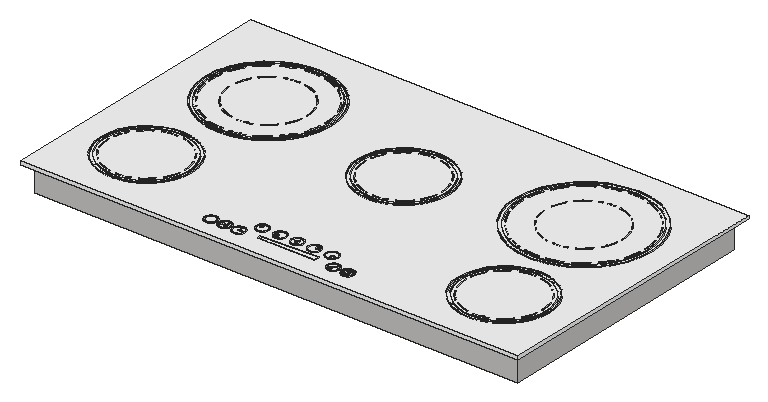
Revit family "QF_Summit_CR5B36TXW_5-Burner Radiant Cooktop", category Specialty Equipment, Revit 2020
Family settings
  Round Connector Dimension = Use Diameter
  Part Type = Normal
  Work Plane-Based = No
  Always vertical = Yes
  Cut with Voids When Loaded = No
  Shared = No
  Room Calculation Point = No
Parameters
  Weight in Pounds = 36
  Watts = Volts * FL Amps  # 7200 W
  Volts = 240 V
  URL Cutsheet = ""
  Specification by User = ""
  Specification by Manufacturer = ""
  Serial Number = ""
  Seismic Rating = ""
  SMACNA No = ""
  Revision Code = ""
  Phase = 1
  Number of Poles = 1
  NAFEM Spec ID Number = ""
  Model = "CR5B36TXW"
  Min Ckt Ampacity = 0 A
  Max Overcurrent Protection = 0 A
  Masterspec = ""
  Manufacturer = "Summit"
  Length = 35 1/2"
  Item Number = ""
  Installed By = ""
  Identify Quantity as Lot = yes
  Height = 2.13"
  HP = ""
  Furnished By = ""
  Foodservice Equipment Identifier = yes
  FL Amps = 30 A
  Electrical Remarks = ""
  Electric Connection Type = ""
  Elec Conn RI Height = 0"
  Elec Conn Connection Height = 0"
  Description = "5-Burner Radiant Cooktop"
  Depth = 20 1/2"
  Default Elevation = 0"
  Cycle = 60 Hz
  Conn Plug = ""
  Conn Conduit = yes
  CSI MasterFormat = ""
  Apparent Power = if(Phase = 3, Volts * FL Amps * 1.73, Volts * FL Amps)  # 7200 VA
Reference planes (in)
  plane 1 "BACK": y = 0
  plane 2: z = 0
  plane 3 "LEFT": x = 0
  plane 4 "RIGHT": x = 35.5
  plane 5 "FRONT": y = -20.5
  plane 6 "TOP": z = 2.13
  plane 7 "Center Y": x = 17.75
  plane 8 "Center X": y = -10.25
  plane 9: y = -19.875
  plane 10: y = -0.625
  plane 11: x = 0.5
  plane 12: x = 35
  plane 13: z = 1.88
  plane 14: z = -1
Forms (in)
  Extrusion 1, solid, material "QF_Plastic_White_Smooth"
    sketch origin (-1.19104, -180, 1.88) x (-1, 0, 0) y (0, -1, 0)
      loop
        line (-1.19104, -180) -> (-1.19104, -159.5) -> (-36.69104, -159.5) -> (-36.69104, -180) -> (-1.19104, -180)
      loop
        circle (-18.94104, -171.46642) r 3.25
      loop
        circle (-18.94104, -171.46642) r 3.1875
      loop
        circle (-18.94104, -171.46642) r 3.01918
      loop
        circle (-18.94104, -171.46642) r 2.98793
      loop
        arc (-16.54883, -172.87489) -> (-16.33416, -172.42069) -> (-16.20486, -171.93525) r 2.77605
        line (-16.20486, -171.93525) -> (-16.23566, -171.92997)
        arc (-16.23566, -171.92997) -> (-16.3635, -172.40995) -> (-16.57576, -172.85904) r 2.7448
        line (-16.57576, -172.85904) -> (-16.54883, -172.87489)
      loop
        line (-16.80517, -173.2397) -> (-16.82921, -173.21974)
        arc (-16.82921, -173.21974) -> (-17.1654, -173.55952) -> (-17.55544, -173.83582) r 2.7448
        line (-17.55544, -173.83582) -> (-17.53966, -173.86279)
        arc (-17.53966, -173.86279) -> (-17.14519, -173.58335) -> (-16.80517, -173.2397) r 2.77605
      loop
        line (-17.9821, -174.07159) -> (-17.99289, -174.04226)
        arc (-17.99289, -174.04226) -> (-18.47424, -174.17124) -> (-18.97098, -174.21106) r 2.7448
        line (-18.97098, -174.21106) -> (-18.97098, -174.24231)
        arc (-18.97098, -174.24231) -> (-18.46876, -174.202) -> (-17.9821, -174.07159) r 2.77605
      loop
        line (-19.44184, -174.19692) -> (-19.4362, -174.16619)
        arc (-19.4362, -174.16619) -> (-19.89875, -174.03872) -> (-20.33204, -173.83265) r 2.7448
        line (-20.33204, -173.83265) -> (-20.34788, -173.85959)
        arc (-20.34788, -173.85959) -> (-19.90966, -174.068) -> (-19.44184, -174.19692) r 2.77605
      loop
        arc (-20.68976, -173.58205) -> (-21.04777, -173.22586) -> (-21.33446, -172.8101) r 2.7448
        line (-21.33446, -172.8101) -> (-21.3617, -172.8254)
        arc (-21.3617, -172.8254) -> (-21.0727, -173.24475) -> (-20.71196, -173.60425) r 2.77605
        line (-20.71196, -173.60425) -> (-20.68976, -173.58205)
      loop
        arc (-21.52712, -172.38625) -> (-21.64757, -171.92317) -> (-21.68577, -171.4462) r 2.7448
        line (-21.68577, -171.4462) -> (-21.71702, -171.4462)
        arc (-21.71702, -171.4462) -> (-21.67836, -171.92848) -> (-21.55657, -172.39673) r 2.77605
        line (-21.55657, -172.39673) -> (-21.52712, -172.38625)
      loop
        arc (-21.64607, -171.00085) -> (-21.51951, -170.52544) -> (-21.31011, -170.08027) r 2.7448
        line (-21.31011, -170.08027) -> (-21.33709, -170.06449)
        arc (-21.33709, -170.06449) -> (-21.54886, -170.51473) -> (-21.67686, -170.99555) r 2.77605
        line (-21.67686, -170.99555) -> (-21.64607, -171.00085)
      loop
        arc (-21.0469, -169.70594) -> (-20.70919, -169.367) -> (-20.31776, -169.09185) r 2.7448
        line (-20.31776, -169.09185) -> (-20.33343, -169.06481)
        arc (-20.33343, -169.06481) -> (-20.72826, -169.3422) -> (-21.06908, -169.68376) r 2.77605
        line (-21.06908, -169.68376) -> (-21.0469, -169.70594)
      loop
        arc (-19.89556, -168.89293) -> (-19.4312, -168.76574) -> (-18.95175, -168.72164) r 2.7448
        line (-18.95175, -168.72164) -> (-18.95175, -168.69039)
        arc (-18.95175, -168.69039) -> (-19.43672, -168.73498) -> (-19.90643, -168.86363) r 2.77605
        line (-19.90643, -168.86363) -> (-19.89556, -168.89293)
      loop
        arc (-18.52224, -168.75375) -> (-18.01144, -168.88382) -> (-17.53492, -169.10913) r 2.7448
        line (-17.53492, -169.10913) -> (-17.51892, -169.0823)
        arc (-17.51892, -169.0823) -> (-18.00086, -168.85442) -> (-18.51747, -168.72287) r 2.77605
        line (-18.51747, -168.72287) -> (-18.52224, -168.75375)
      loop
        arc (-17.19797, -169.34612) -> (-16.83577, -169.70523) -> (-16.54626, -170.12516) r 2.7448
        line (-16.54626, -170.12516) -> (-16.51899, -170.10989)
        arc (-16.51899, -170.10989) -> (-16.81082, -169.68635) -> (-17.17577, -169.32392) r 2.77605
        line (-17.17577, -169.32392) -> (-17.19797, -169.34612)
      loop
        arc (-16.36345, -170.52304) -> (-16.23531, -171.00493) -> (-16.19647, -171.50206) r 2.7448
        line (-16.19647, -171.50206) -> (-16.16521, -171.50206)
        arc (-16.16521, -171.50206) -> (-16.20454, -170.99948) -> (-16.3341, -170.5123) r 2.77605
        line (-16.3341, -170.5123) -> (-16.36345, -170.52304)
      loop
        circle (-30.19126, -173.46615) r 4.875
      loop
        circle (-30.19126, -173.46615) r 4.8125
      loop
        circle (-30.19126, -173.46615) r 4.60317
      loop
        circle (-30.19126, -173.46615) r 4.57192
      loop
        arc (-33.55067, -170.61218) -> (-33.87549, -171.04598) -> (-34.14463, -171.51637) r 4.40804
        line (-34.14463, -171.51637) -> (-34.1166, -171.53019)
        arc (-34.1166, -171.53019) -> (-33.85007, -171.0642) -> (-33.5285, -170.63435) r 4.37679
        line (-33.5285, -170.63435) -> (-33.55067, -170.61218)
      loop
        arc (-32.38609, -169.64339) -> (-32.82573, -169.93198) -> (-33.22787, -170.27088) r 4.40804
        line (-33.22787, -170.27088) -> (-33.20577, -170.29298)
        arc (-33.20577, -170.29298) -> (-32.80673, -169.9568) -> (-32.37053, -169.67049) r 4.37679
        line (-32.37053, -169.67049) -> (-32.38609, -169.64339)
      loop
        line (-34.29842, -171.95371) -> (-34.32775, -171.94291)
        arc (-34.32775, -171.94291) -> (-34.4786, -172.44171) -> (-34.56954, -172.95482) r 4.40804
        line (-34.56954, -172.95482) -> (-34.5385, -172.95844)
        arc (-34.5385, -172.95844) -> (-34.44821, -172.44897) -> (-34.29842, -171.95371) r 4.37679
      loop
        line (-34.56802, -173.45077) -> (-34.59927, -173.45077)
        arc (-34.59927, -173.45077) -> (-34.57069, -173.96751) -> (-34.48175, -174.47735) r 4.40804
        line (-34.48175, -174.47735) -> (-34.45133, -174.47018)
        arc (-34.45133, -174.47018) -> (-34.53965, -173.96391) -> (-34.56802, -173.45077) r 4.37679
      loop
        line (-34.31241, -174.94005) -> (-34.34184, -174.95057)
        arc (-34.34184, -174.95057) -> (-34.12961, -175.44611) -> (-33.85848, -175.91203) r 4.40804
        line (-33.85848, -175.91203) -> (-33.83248, -175.89469)
        arc (-33.83248, -175.89469) -> (-34.10169, -175.43207) -> (-34.31241, -174.94005) r 4.37679
      loop
        line (-33.56084, -176.25939) -> (-33.5849, -176.27933)
        arc (-33.5849, -176.27933) -> (-33.2044, -176.68357) -> (-32.77611, -177.03678) r 4.40804
        line (-32.77611, -177.03678) -> (-32.75373, -177.0144)
        arc (-32.75373, -177.0144) -> (-33.18121, -176.66247) -> (-33.56084, -176.25939) r 4.37679
      loop
        line (-32.41796, -177.23419) -> (-32.43386, -177.26109)
        arc (-32.43386, -177.26109) -> (-31.94732, -177.5093) -> (-31.43382, -177.69544) r 4.40804
        line (-31.43382, -177.69544) -> (-31.42502, -177.66545)
        arc (-31.42502, -177.66545) -> (-31.93487, -177.48064) -> (-32.41796, -177.23419) r 4.37679
      loop
        line (-30.97311, -177.77254) -> (-30.97869, -177.80329)
        arc (-30.97869, -177.80329) -> (-30.45041, -177.86657) -> (-29.91836, -177.86574) r 4.40804
        line (-29.91836, -177.86574) -> (-29.92029, -177.83455)
        arc (-29.92029, -177.83455) -> (-30.44858, -177.83537) -> (-30.97311, -177.77254) r 4.37679
      loop
        line (-29.45649, -177.78083) -> (-29.45125, -177.81163)
        arc (-29.45125, -177.81163) -> (-28.93019, -177.68996) -> (-28.42772, -177.50605) r 4.40804
        line (-28.42772, -177.50605) -> (-28.44022, -177.47741)
        arc (-28.44022, -177.47741) -> (-28.93913, -177.66002) -> (-29.45649, -177.78083) r 4.37679
      loop
        line (-28.00559, -177.25814) -> (-27.98999, -177.28522)
        arc (-27.98999, -177.28522) -> (-27.55416, -176.99837) -> (-27.15528, -176.66204) r 4.40804
        line (-27.15528, -176.66204) -> (-27.17739, -176.63993)
        arc (-27.17739, -176.63993) -> (-27.57318, -176.97357) -> (-28.00559, -177.25814) r 4.37679
      loop
        line (-26.84889, -176.2919) -> (-26.82502, -176.31208)
        arc (-26.82502, -176.31208) -> (-26.50597, -175.88473) -> (-26.24087, -175.42198) r 4.40804
        line (-26.24087, -175.42198) -> (-26.26887, -175.40811)
        arc (-26.26887, -175.40811) -> (-26.5321, -175.86758) -> (-26.84889, -176.2919) r 4.37679
      loop
        line (-26.09327, -175.00329) -> (-26.06401, -175.01426)
        arc (-26.06401, -175.01426) -> (-25.90511, -174.4956) -> (-25.81112, -173.96136) r 4.40804
        line (-25.81112, -173.96136) -> (-25.84217, -173.95785)
        arc (-25.84217, -173.95785) -> (-25.93549, -174.48831) -> (-26.09327, -175.00329) r 4.37679
      loop
        line (-25.81456, -173.4948) -> (-25.78331, -173.4948)
        arc (-25.78331, -173.4948) -> (-25.81396, -172.94643) -> (-25.91257, -172.40614) r 4.40804
        line (-25.91257, -172.40614) -> (-25.9429, -172.41365)
        arc (-25.9429, -172.41365) -> (-25.84498, -172.95022) -> (-25.81456, -173.4948) r 4.37679
      loop
        line (-26.07387, -171.98176) -> (-26.04447, -171.97116)
        arc (-26.04447, -171.97116) -> (-26.26009, -171.47198) -> (-26.53552, -171.00315) r 4.40804
        line (-26.53552, -171.00315) -> (-26.56143, -171.02061)
        arc (-26.56143, -171.02061) -> (-26.28795, -171.48612) -> (-26.07387, -171.98176) r 4.37679
      loop
        line (-26.84402, -170.64617) -> (-26.82184, -170.62399)
        arc (-26.82184, -170.62399) -> (-27.19653, -170.23158) -> (-27.61659, -169.88817) r 4.40804
        line (-27.61659, -169.88817) -> (-27.63484, -169.91354)
        arc (-27.63484, -169.91354) -> (-27.21679, -170.25541) -> (-26.84402, -170.64617) r 4.37679
      loop
        arc (-28.00774, -169.63691) -> (-28.48286, -169.40263) -> (-28.98266, -169.22703) r 4.40804
        line (-28.98266, -169.22703) -> (-28.99123, -169.25709)
        arc (-28.99123, -169.25709) -> (-28.49497, -169.43144) -> (-28.02322, -169.66406) r 4.37679
        line (-28.02322, -169.66406) -> (-28.00774, -169.63691)
      loop
        arc (-29.42512, -169.1252) -> (-29.96593, -169.06387) -> (-30.51017, -169.06966) r 4.40804
        line (-30.51017, -169.06966) -> (-30.51017, -169.101)
        arc (-30.51017, -169.101) -> (-29.96866, -169.09503) -> (-29.43056, -169.15597) r 4.37679
        line (-29.43056, -169.15597) -> (-29.42512, -169.1252)
      loop
        arc (-30.95802, -169.12531) -> (-31.47484, -169.24914) -> (-31.97301, -169.43426) r 4.40804
        line (-31.97301, -169.43426) -> (-31.96038, -169.46284)
        arc (-31.96038, -169.46284) -> (-31.46574, -169.27903) -> (-30.95258, -169.15608) r 4.37679
        line (-30.95258, -169.15608) -> (-30.95802, -169.12531)
      loop
        circle (-15.58271, -160.98371) r 0.42869
      loop
        circle (-15.58271, -160.98371) r 0.39744
      loop
        line (-15.53142, -160.93163) -> (-15.91011, -160.9984) -> (-15.60095, -161.02545) -> (-15.56514, -161.31706) -> (-15.53142, -160.93163)
      loop
        arc (-28.82562, -175.85311) -> (-28.41873, -175.56869) -> (-28.06961, -175.21576) r 2.75
        line (-28.06961, -175.21576) -> (-28.09372, -175.19587)
        arc (-28.09372, -175.19587) -> (-28.43887, -175.5448) -> (-28.84114, -175.82598) r 2.71875
        line (-28.84114, -175.82598) -> (-28.82562, -175.85311)
      loop
        arc (-27.8225, -174.86311) -> (-27.61447, -174.42672) -> (-27.48608, -173.96065) r 2.75
        line (-27.48608, -173.96065) -> (-27.51682, -173.95503)
        arc (-27.51682, -173.95503) -> (-27.64376, -174.41581) -> (-27.84942, -174.84724) r 2.71875
        line (-27.84942, -174.84724) -> (-27.8225, -174.86311)
      loop
        line (-29.23006, -176.0427) -> (-29.24098, -176.01342)
        arc (-29.24098, -176.01342) -> (-29.73955, -176.14712) -> (-30.2544, -176.18417) r 2.71875
        line (-30.2544, -176.18417) -> (-30.2544, -176.21543)
        arc (-30.2544, -176.21543) -> (-29.734, -176.17787) -> (-29.23006, -176.0427) r 2.75
      loop
        line (-30.64157, -176.17903) -> (-30.63645, -176.1482)
        arc (-30.63645, -176.1482) -> (-31.11903, -176.0217) -> (-31.57036, -175.80916) r 2.71875
        line (-31.57036, -175.80916) -> (-31.58621, -175.83609)
        arc (-31.58621, -175.83609) -> (-31.12969, -176.05108) -> (-30.64157, -176.17903) r 2.75
      loop
        line (-31.91687, -175.60736) -> (-31.89726, -175.58302)
        arc (-31.89726, -175.58302) -> (-32.26827, -175.22046) -> (-32.56367, -174.79404) r 2.71875
        line (-32.56367, -174.79404) -> (-32.59093, -174.8093)
        arc (-32.59093, -174.8093) -> (-32.29214, -175.24063) -> (-31.91687, -175.60736) r 2.75
      loop
        arc (-32.73494, -174.42599) -> (-32.86588, -173.95399) -> (-32.91001, -173.46615) r 2.71875
        line (-32.91001, -173.46615) -> (-32.94126, -173.46615)
        arc (-32.94126, -173.46615) -> (-32.89662, -173.95959) -> (-32.76418, -174.43702) r 2.75
        line (-32.76418, -174.43702) -> (-32.73494, -174.42599)
      loop
        arc (-32.87359, -173.02266) -> (-32.74865, -172.54348) -> (-32.53888, -172.09492) r 2.71875
        line (-32.53888, -172.09492) -> (-32.56586, -172.07916)
        arc (-32.56586, -172.07916) -> (-32.77805, -172.53288) -> (-32.90442, -173.01756) r 2.75
        line (-32.90442, -173.01756) -> (-32.87359, -173.02266)
      loop
        arc (-32.27749, -171.72282) -> (-31.93612, -171.3812) -> (-31.53969, -171.10537) r 2.71875
        line (-31.53969, -171.10537) -> (-31.55519, -171.07823)
        arc (-31.55519, -171.07823) -> (-31.95511, -171.35633) -> (-32.29968, -171.70063) r 2.75
        line (-32.29968, -171.70063) -> (-32.27749, -171.72282)
      loop
        arc (-31.12024, -170.91104) -> (-30.65344, -170.78698) -> (-30.17205, -170.74747) r 2.71875
        line (-30.17205, -170.74747) -> (-30.17205, -170.71622)
        arc (-30.17205, -170.71622) -> (-30.65886, -170.7562) -> (-31.13091, -170.88167) r 2.75
        line (-31.13091, -170.88167) -> (-31.12024, -170.91104)
      loop
        arc (-29.72401, -170.78785) -> (-29.24876, -170.91599) -> (-28.80441, -171.12772) r 2.71875
        line (-28.80441, -171.12772) -> (-28.78847, -171.10084)
        arc (-28.78847, -171.10084) -> (-29.23793, -170.88668) -> (-29.71864, -170.75707) r 2.75
        line (-29.71864, -170.75707) -> (-29.72401, -170.78785)
      loop
        line (-28.43483, -171.35015) -> (-28.45479, -171.37419)
        arc (-28.45479, -171.37419) -> (-28.10347, -171.72467) -> (-27.82171, -172.13316) r 2.71875
        line (-27.82171, -172.13316) -> (-27.79448, -172.11784)
        arc (-27.79448, -172.11784) -> (-28.07948, -171.70465) -> (-28.43483, -171.35015) r 2.75
      loop
        line (-27.6023, -172.53889) -> (-27.63172, -172.54942)
        arc (-27.63172, -172.54942) -> (-27.52842, -172.91759) -> (-27.4778, -173.29661) r 2.71875
        line (-27.4778, -173.29661) -> (-27.44649, -173.29661)
        arc (-27.44649, -173.29661) -> (-27.49762, -172.91224) -> (-27.6023, -172.53889) r 2.75
      loop
        circle (-7.70729, -173.46615) r 4.5
      loop
        circle (-7.70729, -173.46615) r 4.4375
      loop
        circle (-7.70729, -173.46615) r 4.25
      loop
        circle (-7.70729, -173.46615) r 4.21875
      loop
        arc (-3.72876, -174.27175) -> (-3.65752, -173.74377) -> (-3.65604, -173.211) r 4.05928
        line (-3.65604, -173.211) -> (-3.68735, -173.211)
        arc (-3.68735, -173.211) -> (-3.68863, -173.74065) -> (-3.75938, -174.26555) r 4.02803
        line (-3.75938, -174.26555) -> (-3.72876, -174.27175)
      loop
        line (-3.84372, -174.71137) -> (-3.87347, -174.70178)
        arc (-3.87347, -174.70178) -> (-4.06017, -175.17599) -> (-4.30527, -175.62282) r 4.02803
        line (-4.30527, -175.62282) -> (-4.27887, -175.63956)
        arc (-4.27887, -175.63956) -> (-4.03188, -175.18925) -> (-3.84372, -174.71137) r 4.05928
      loop
        line (-4.53665, -176.00087) -> (-4.56106, -175.98136)
        arc (-4.56106, -175.98136) -> (-4.91272, -176.36708) -> (-5.3113, -176.70409) r 4.02803
        line (-5.3113, -176.70409) -> (-5.29271, -176.72921)
        arc (-5.29271, -176.72921) -> (-4.89104, -176.38958) -> (-4.53665, -176.00087) r 4.05928
      loop
        line (-5.69271, -176.99024) -> (-5.70822, -176.96311)
        arc (-5.70822, -176.96311) -> (-6.15489, -177.18302) -> (-6.62528, -177.34614) r 4.02803
        line (-6.62528, -177.34614) -> (-6.61689, -177.37624)
        arc (-6.61689, -177.37624) -> (-6.14285, -177.21185) -> (-5.69271, -176.99024) r 4.05928
      loop
        line (-7.09267, -177.47863) -> (-7.0974, -177.44774)
        arc (-7.0974, -177.44774) -> (-7.62153, -177.49327) -> (-8.14713, -177.4701) r 4.02803
        line (-8.14713, -177.4701) -> (-8.15054, -177.50116)
        arc (-8.15054, -177.50116) -> (-7.62087, -177.52451) -> (-7.09267, -177.47863) r 4.05928
      loop
        line (-8.56631, -177.4335) -> (-8.55969, -177.40296)
        arc (-8.55969, -177.40296) -> (-9.06866, -177.25716) -> (-9.5541, -177.04586) r 4.02803
        line (-9.5541, -177.04586) -> (-9.56843, -177.07364)
        arc (-9.56843, -177.07364) -> (-9.07922, -177.28657) -> (-8.56631, -177.4335) r 4.05928
      loop
        line (-9.97421, -176.83347) -> (-9.95676, -176.80755)
        arc (-9.95676, -176.80755) -> (-10.34054, -176.51427) -> (-10.68646, -176.17716) r 4.02803
        line (-10.68646, -176.17716) -> (-10.70859, -176.19928)
        arc (-10.70859, -176.19928) -> (-10.36041, -176.5384) -> (-9.97421, -176.83347) r 4.05928
      loop
        line (-11.00572, -175.83219) -> (-10.98032, -175.81398)
        arc (-10.98032, -175.81398) -> (-11.25324, -175.37698) -> (-11.46815, -174.90871) r 4.02803
        line (-11.46815, -174.90871) -> (-11.49733, -174.9199)
        arc (-11.49733, -174.9199) -> (-11.28075, -175.3918) -> (-11.00572, -175.83219) r 4.05928
      loop
        line (-11.63951, -174.47384) -> (-11.60923, -174.46609)
        arc (-11.60923, -174.46609) -> (-11.70368, -173.97008) -> (-11.73532, -173.46615) r 4.02803
        line (-11.73532, -173.46615) -> (-11.76657, -173.46615)
        arc (-11.76657, -173.46615) -> (-11.73468, -173.97399) -> (-11.63951, -174.47384) r 4.05928
      loop
        line (-11.74134, -173.01425) -> (-11.71028, -173.01773)
        arc (-11.71028, -173.01773) -> (-11.61898, -172.50505) -> (-11.4623, -172.00844) r 4.02803
        line (-11.4623, -172.00844) -> (-11.49143, -171.99713)
        arc (-11.49143, -171.99713) -> (-11.64933, -172.4976) -> (-11.74134, -173.01425) r 4.05928
      loop
        line (-11.29076, -171.55919) -> (-11.26317, -171.57387)
        arc (-11.26317, -171.57387) -> (-10.99874, -171.14422) -> (-10.68268, -170.75099) r 4.02803
        line (-10.68268, -170.75099) -> (-10.7048, -170.72887)
        arc (-10.7048, -170.72887) -> (-11.02387, -171.12562) -> (-11.29076, -171.55919) r 4.05928
      loop
        line (-10.37148, -170.40349) -> (-10.34933, -170.42565)
        arc (-10.34933, -170.42565) -> (-9.94734, -170.11844) -> (-9.51001, -169.86404) r 4.02803
        line (-9.51001, -169.86404) -> (-9.524, -169.83609)
        arc (-9.524, -169.83609) -> (-9.96563, -170.09307) -> (-10.37148, -170.40349) r 4.05928
      loop
        line (-9.14096, -169.66847) -> (-9.12992, -169.69771)
        arc (-9.12992, -169.69771) -> (-8.61247, -169.54115) -> (-8.07871, -169.45528) r 4.02803
        line (-8.07871, -169.45528) -> (-8.08159, -169.42417)
        arc (-8.08159, -169.42417) -> (-8.61949, -169.5107) -> (-9.14096, -169.66847) r 4.05928
      loop
        line (-7.65885, -169.40716) -> (-7.65885, -169.43841)
        arc (-7.65885, -169.43841) -> (-7.12352, -169.48065) -> (-6.59858, -169.59372) r 4.02803
        line (-6.59858, -169.59372) -> (-6.58997, -169.56367)
        arc (-6.58997, -169.56367) -> (-7.11918, -169.4497) -> (-7.65885, -169.40716) r 4.05928
      loop
        line (-6.18841, -169.70175) -> (-6.2001, -169.73073)
        arc (-6.2001, -169.73073) -> (-5.72935, -169.9572) -> (-5.29187, -170.24268) r 4.02803
        line (-5.29187, -170.24268) -> (-5.27313, -170.21768)
        arc (-5.27313, -170.21768) -> (-5.71401, -169.92997) -> (-6.18841, -169.70175) r 4.05928
      loop
        line (-4.90686, -170.52756) -> (-4.92896, -170.54966)
        arc (-4.92896, -170.54966) -> (-4.57887, -170.92884) -> (-4.28012, -171.34967) r 4.02803
        line (-4.28012, -171.34967) -> (-4.25353, -171.33325)
        arc (-4.25353, -171.33325) -> (-4.55436, -170.90945) -> (-4.90686, -170.52756) r 4.05928
      loop
        line (-4.03316, -171.74032) -> (-4.06145, -171.75361)
        arc (-4.06145, -171.75361) -> (-3.87457, -172.22709) -> (-3.74891, -172.72036) r 4.02803
        line (-3.74891, -172.72036) -> (-3.7182, -172.71457)
        arc (-3.7182, -172.71457) -> (-3.84484, -172.21748) -> (-4.03316, -171.74032) r 4.05928
      loop
        arc (-6.34166, -175.85311) -> (-5.93477, -175.56869) -> (-5.58564, -175.21576) r 2.75
        line (-5.58564, -175.21576) -> (-5.60975, -175.19587)
        arc (-5.60975, -175.19587) -> (-5.95491, -175.5448) -> (-6.35718, -175.82598) r 2.71875
        line (-6.35718, -175.82598) -> (-6.34166, -175.85311)
      loop
        arc (-5.33854, -174.86311) -> (-5.13051, -174.42672) -> (-5.00212, -173.96065) r 2.75
        line (-5.00212, -173.96065) -> (-5.03286, -173.95503)
        arc (-5.03286, -173.95503) -> (-5.15979, -174.41581) -> (-5.36546, -174.84724) r 2.71875
        line (-5.36546, -174.84724) -> (-5.33854, -174.86311)
      loop
        line (-6.7461, -176.0427) -> (-6.75702, -176.01342)
        arc (-6.75702, -176.01342) -> (-7.25559, -176.14712) -> (-7.77043, -176.18417) r 2.71875
        line (-7.77043, -176.18417) -> (-7.77043, -176.21543)
        arc (-7.77043, -176.21543) -> (-7.25004, -176.17787) -> (-6.7461, -176.0427) r 2.75
      loop
        line (-8.15761, -176.17903) -> (-8.15249, -176.1482)
        arc (-8.15249, -176.1482) -> (-8.63506, -176.0217) -> (-9.0864, -175.80916) r 2.71875
        line (-9.0864, -175.80916) -> (-9.10225, -175.83609)
        arc (-9.10225, -175.83609) -> (-8.64573, -176.05108) -> (-8.15761, -176.17903) r 2.75
      loop
        line (-9.43291, -175.60736) -> (-9.4133, -175.58302)
        arc (-9.4133, -175.58302) -> (-9.78431, -175.22046) -> (-10.0797, -174.79404) r 2.71875
        line (-10.0797, -174.79404) -> (-10.10697, -174.8093)
        arc (-10.10697, -174.8093) -> (-9.80818, -175.24063) -> (-9.43291, -175.60736) r 2.75
      loop
        arc (-10.25098, -174.42599) -> (-10.38192, -173.95399) -> (-10.42604, -173.46615) r 2.71875
        line (-10.42604, -173.46615) -> (-10.45729, -173.46615)
        arc (-10.45729, -173.46615) -> (-10.41266, -173.95959) -> (-10.28021, -174.43702) r 2.75
        line (-10.28021, -174.43702) -> (-10.25098, -174.42599)
      loop
        arc (-10.38963, -173.02266) -> (-10.26469, -172.54348) -> (-10.05491, -172.09492) r 2.71875
        line (-10.05491, -172.09492) -> (-10.0819, -172.07916)
        arc (-10.0819, -172.07916) -> (-10.29409, -172.53288) -> (-10.42046, -173.01756) r 2.75
        line (-10.42046, -173.01756) -> (-10.38963, -173.02266)
      loop
        arc (-9.79353, -171.72282) -> (-9.45216, -171.3812) -> (-9.05573, -171.10537) r 2.71875
        line (-9.05573, -171.10537) -> (-9.07123, -171.07823)
        arc (-9.07123, -171.07823) -> (-9.47114, -171.35633) -> (-9.81571, -171.70063) r 2.75
        line (-9.81571, -171.70063) -> (-9.79353, -171.72282)
      loop
        arc (-8.63627, -170.91104) -> (-8.16948, -170.78698) -> (-7.68809, -170.74747) r 2.71875
        line (-7.68809, -170.74747) -> (-7.68809, -170.71622)
        arc (-7.68809, -170.71622) -> (-8.1749, -170.7562) -> (-8.64695, -170.88167) r 2.75
        line (-8.64695, -170.88167) -> (-8.63627, -170.91104)
      loop
        arc (-7.24005, -170.78785) -> (-6.7648, -170.91599) -> (-6.32045, -171.12772) r 2.71875
        line (-6.32045, -171.12772) -> (-6.3045, -171.10084)
        arc (-6.3045, -171.10084) -> (-6.75397, -170.88668) -> (-7.23468, -170.75707) r 2.75
        line (-7.23468, -170.75707) -> (-7.24005, -170.78785)
      loop
        line (-5.95087, -171.35015) -> (-5.97083, -171.37419)
        arc (-5.97083, -171.37419) -> (-5.61951, -171.72467) -> (-5.33775, -172.13316) r 2.71875
        line (-5.33775, -172.13316) -> (-5.31051, -172.11784)
        arc (-5.31051, -172.11784) -> (-5.59551, -171.70465) -> (-5.95087, -171.35015) r 2.75
      loop
        line (-5.11834, -172.53889) -> (-5.14776, -172.54942)
        arc (-5.14776, -172.54942) -> (-5.04446, -172.91759) -> (-4.99383, -173.29661) r 2.71875
        line (-4.99383, -173.29661) -> (-4.96252, -173.29661)
        arc (-4.96252, -173.29661) -> (-5.01366, -172.91224) -> (-5.11834, -172.53889) r 2.75
      loop
        circle (-6.19734, -164.48395) r 3.25
      loop
        circle (-6.19734, -164.48395) r 3.1875
      loop
        circle (-6.19734, -164.48395) r 3.01918
      loop
        circle (-6.19734, -164.48395) r 2.98793
      loop
        arc (-3.80513, -165.89243) -> (-3.59046, -165.43823) -> (-3.46116, -164.95278) r 2.77605
        line (-3.46116, -164.95278) -> (-3.49196, -164.9475)
        arc (-3.49196, -164.9475) -> (-3.6198, -165.42749) -> (-3.83205, -165.87657) r 2.7448
        line (-3.83205, -165.87657) -> (-3.80513, -165.89243)
      loop
        line (-4.06147, -166.25724) -> (-4.08551, -166.23728)
        arc (-4.08551, -166.23728) -> (-4.4217, -166.57705) -> (-4.81173, -166.85335) r 2.7448
        line (-4.81173, -166.85335) -> (-4.79596, -166.88033)
        arc (-4.79596, -166.88033) -> (-4.40148, -166.60088) -> (-4.06147, -166.25724) r 2.77605
      loop
        line (-5.2384, -167.08912) -> (-5.24919, -167.05979)
        arc (-5.24919, -167.05979) -> (-5.73054, -167.18877) -> (-6.22728, -167.22859) r 2.7448
        line (-6.22728, -167.22859) -> (-6.22728, -167.25984)
        arc (-6.22728, -167.25984) -> (-5.72506, -167.21954) -> (-5.2384, -167.08912) r 2.77605
      loop
        line (-6.69813, -167.21446) -> (-6.6925, -167.18372)
        arc (-6.6925, -167.18372) -> (-7.15505, -167.05625) -> (-7.58834, -166.85018) r 2.7448
        line (-7.58834, -166.85018) -> (-7.60418, -166.87712)
        arc (-7.60418, -166.87712) -> (-7.16596, -167.08554) -> (-6.69813, -167.21446) r 2.77605
      loop
        arc (-7.94606, -166.59958) -> (-8.30407, -166.24339) -> (-8.59075, -165.82764) r 2.7448
        line (-8.59075, -165.82764) -> (-8.618, -165.84294)
        arc (-8.618, -165.84294) -> (-8.329, -166.26228) -> (-7.96826, -166.62178) r 2.77605
        line (-7.96826, -166.62178) -> (-7.94606, -166.59958)
      loop
        arc (-8.78342, -165.40379) -> (-8.90387, -164.9407) -> (-8.94206, -164.46374) r 2.7448
        line (-8.94206, -164.46374) -> (-8.97331, -164.46374)
        arc (-8.97331, -164.46374) -> (-8.93466, -164.94602) -> (-8.81286, -165.41426) r 2.77605
        line (-8.81286, -165.41426) -> (-8.78342, -165.40379)
      loop
        arc (-8.90236, -164.01838) -> (-8.77581, -163.54298) -> (-8.56641, -163.0978) r 2.7448
        line (-8.56641, -163.0978) -> (-8.59338, -163.08202)
        arc (-8.59338, -163.08202) -> (-8.80516, -163.53226) -> (-8.93316, -164.01308) r 2.77605
        line (-8.93316, -164.01308) -> (-8.90236, -164.01838)
      loop
        arc (-8.3032, -162.72347) -> (-7.96549, -162.38453) -> (-7.57406, -162.10938) r 2.7448
        line (-7.57406, -162.10938) -> (-7.58973, -162.08235)
        arc (-7.58973, -162.08235) -> (-7.98455, -162.35973) -> (-8.32538, -162.70129) r 2.77605
        line (-8.32538, -162.70129) -> (-8.3032, -162.72347)
      loop
        arc (-7.15186, -161.91047) -> (-6.68749, -161.78327) -> (-6.20805, -161.73917) r 2.7448
        line (-6.20805, -161.73917) -> (-6.20805, -161.70792)
        arc (-6.20805, -161.70792) -> (-6.69301, -161.75251) -> (-7.16273, -161.88117) r 2.77605
        line (-7.16273, -161.88117) -> (-7.15186, -161.91047)
      loop
        arc (-5.77854, -161.77129) -> (-5.26774, -161.90136) -> (-4.79122, -162.12667) r 2.7448
        line (-4.79122, -162.12667) -> (-4.77521, -162.09983)
        arc (-4.77521, -162.09983) -> (-5.25716, -161.87195) -> (-5.77377, -161.7404) r 2.77605
        line (-5.77377, -161.7404) -> (-5.77854, -161.77129)
      loop
        arc (-4.45427, -162.36365) -> (-4.09206, -162.72277) -> (-3.80256, -163.14269) r 2.7448
        line (-3.80256, -163.14269) -> (-3.77529, -163.12742)
        arc (-3.77529, -163.12742) -> (-4.06712, -162.70389) -> (-4.43207, -162.34145) r 2.77605
        line (-4.43207, -162.34145) -> (-4.45427, -162.36365)
      loop
        arc (-3.61974, -163.54057) -> (-3.49161, -164.02247) -> (-3.45276, -164.51959) r 2.7448
        line (-3.45276, -164.51959) -> (-3.42151, -164.51959)
        arc (-3.42151, -164.51959) -> (-3.46083, -164.01701) -> (-3.5904, -163.52983) r 2.77605
        line (-3.5904, -163.52983) -> (-3.61974, -163.54057)
      loop
        circle (-16.45721, -161.9833) r 0.42869
      loop
        circle (-16.45721, -161.9833) r 0.39744
      loop
        circle (-16.29616, -162.14539) r 0.13534
      loop
        circle (-17.72154, -161.9833) r 0.42869
      loop
        circle (-17.72154, -161.9833) r 0.39744
      loop
        circle (-17.56049, -161.82122) r 0.13534
      loop
        circle (-18.94104, -161.9833) r 0.42869
      loop
        circle (-18.94104, -161.9833) r 0.39744
      loop
        circle (-18.94104, -161.9833) r 0.13534
      loop
        circle (-21.42486, -161.9833) r 0.42869
      loop
        circle (-21.42486, -161.9833) r 0.39744
      loop
        circle (-20.16053, -161.9833) r 0.42869
      loop
        circle (-20.16053, -161.9833) r 0.39744
      loop
        circle (-20.32159, -162.14539) r 0.13534
      loop
        circle (-21.58592, -161.82122) r 0.13534
      loop
        circle (-22.32362, -160.98371) r 0.42869
      loop
        circle (-22.32362, -160.98371) r 0.39744
      loop
        arc (-22.48911, -161.10638) -> (-22.56415, -161.22545) -> (-22.44508, -161.15041) r 0.07216
        line (-22.44508, -161.15041) -> (-22.08326, -160.78859) -> (-22.12729, -160.74456) -> (-22.48911, -161.10638)
      loop
        circle (-23.34679, -160.98371) r 0.42869
      loop
        circle (-23.34679, -160.98371) r 0.36619
      loop
        arc (-23.30114, -161.2295) -> (-23.34679, -160.73371) -> (-23.39244, -161.2295) r 0.25
        line (-23.39244, -161.2295) -> (-23.39244, -161.31685) -> (-23.30114, -161.31685) -> (-23.30114, -161.2295)
      loop
        arc (-23.30114, -161.16556) -> (-23.34679, -160.79621) -> (-23.39244, -161.16556) r 0.1875
        line (-23.39244, -161.16556) -> (-23.39244, -161.03933) -> (-23.30114, -161.03933) -> (-23.30114, -161.16556)
      loop
        circle (-14.58853, -160.98371) r 0.42869
      loop
        circle (-14.58853, -160.98371) r 0.39744
      loop
        line (-14.63068, -161.18585) -> (-14.63068, -160.81214) -> (-14.75929, -160.81214) -> (-14.75929, -161.18585) -> (-14.63068, -161.18585)
      loop
        line (-14.60455, -160.99899) -> (-14.35436, -161.13767) -> (-14.35436, -160.86031) -> (-14.60455, -160.99899)
      loop
        circle (-13.58853, -160.98371) r 0.42869
      loop
        circle (-13.58853, -160.98371) r 0.36619
      loop
        line (-16.95404, -161.18247) -> (-16.95404, -160.96725) -> (-20.98473, -160.96725) -> (-20.98473, -161.38465) -> (-16.95404, -161.18247)
      loop
        circle (-31.68887, -164.48395) r 3.25
      loop
        circle (-31.68887, -164.48395) r 3.1875
      loop
        circle (-31.68887, -164.48395) r 3.01918
      loop
        circle (-31.68887, -164.48395) r 2.98793
      loop
        arc (-29.29666, -165.89243) -> (-29.08199, -165.43823) -> (-28.95269, -164.95278) r 2.77605
        line (-28.95269, -164.95278) -> (-28.98349, -164.9475)
        arc (-28.98349, -164.9475) -> (-29.11133, -165.42749) -> (-29.32359, -165.87657) r 2.7448
        line (-29.32359, -165.87657) -> (-29.29666, -165.89243)
      loop
        line (-29.553, -166.25724) -> (-29.57705, -166.23728)
        arc (-29.57705, -166.23728) -> (-29.91323, -166.57705) -> (-30.30327, -166.85335) r 2.7448
        line (-30.30327, -166.85335) -> (-30.28749, -166.88033)
        arc (-30.28749, -166.88033) -> (-29.89302, -166.60088) -> (-29.553, -166.25724) r 2.77605
      loop
        line (-30.72993, -167.08912) -> (-30.74072, -167.05979)
        arc (-30.74072, -167.05979) -> (-31.22208, -167.18877) -> (-31.71881, -167.22859) r 2.7448
        line (-31.71881, -167.22859) -> (-31.71881, -167.25984)
        arc (-31.71881, -167.25984) -> (-31.21659, -167.21954) -> (-30.72993, -167.08912) r 2.77605
      loop
        line (-32.18967, -167.21446) -> (-32.18403, -167.18372)
        arc (-32.18403, -167.18372) -> (-32.64659, -167.05625) -> (-33.07988, -166.85018) r 2.7448
        line (-33.07988, -166.85018) -> (-33.09571, -166.87712)
        arc (-33.09571, -166.87712) -> (-32.65749, -167.08554) -> (-32.18967, -167.21446) r 2.77605
      loop
        arc (-33.43759, -166.59958) -> (-33.7956, -166.24339) -> (-34.08229, -165.82764) r 2.7448
        line (-34.08229, -165.82764) -> (-34.10954, -165.84294)
        arc (-34.10954, -165.84294) -> (-33.82054, -166.26228) -> (-33.45979, -166.62178) r 2.77605
        line (-33.45979, -166.62178) -> (-33.43759, -166.59958)
      loop
        arc (-34.27495, -165.40379) -> (-34.3954, -164.9407) -> (-34.4336, -164.46374) r 2.7448
        line (-34.4336, -164.46374) -> (-34.46485, -164.46374)
        arc (-34.46485, -164.46374) -> (-34.4262, -164.94602) -> (-34.3044, -165.41426) r 2.77605
        line (-34.3044, -165.41426) -> (-34.27495, -165.40379)
      loop
        arc (-34.3939, -164.01838) -> (-34.26734, -163.54298) -> (-34.05795, -163.0978) r 2.7448
        line (-34.05795, -163.0978) -> (-34.08492, -163.08202)
        arc (-34.08492, -163.08202) -> (-34.29669, -163.53226) -> (-34.4247, -164.01308) r 2.77605
        line (-34.4247, -164.01308) -> (-34.3939, -164.01838)
      loop
        arc (-33.79473, -162.72347) -> (-33.45702, -162.38453) -> (-33.06559, -162.10938) r 2.7448
        line (-33.06559, -162.10938) -> (-33.08126, -162.08235)
        arc (-33.08126, -162.08235) -> (-33.47609, -162.35973) -> (-33.81692, -162.70129) r 2.77605
        line (-33.81692, -162.70129) -> (-33.79473, -162.72347)
      loop
        arc (-32.64339, -161.91047) -> (-32.17903, -161.78327) -> (-31.69958, -161.73917) r 2.7448
        line (-31.69958, -161.73917) -> (-31.69958, -161.70792)
        arc (-31.69958, -161.70792) -> (-32.18455, -161.75251) -> (-32.65426, -161.88117) r 2.77605
        line (-32.65426, -161.88117) -> (-32.64339, -161.91047)
      loop
        arc (-31.27007, -161.77129) -> (-30.75927, -161.90136) -> (-30.28276, -162.12667) r 2.7448
        line (-30.28276, -162.12667) -> (-30.26675, -162.09983)
        arc (-30.26675, -162.09983) -> (-30.74869, -161.87195) -> (-31.26531, -161.7404) r 2.77605
        line (-31.26531, -161.7404) -> (-31.27007, -161.77129)
      loop
        arc (-29.9458, -162.36365) -> (-29.5836, -162.72277) -> (-29.29409, -163.14269) r 2.7448
        line (-29.29409, -163.14269) -> (-29.26682, -163.12742)
        arc (-29.26682, -163.12742) -> (-29.55865, -162.70389) -> (-29.9236, -162.34145) r 2.77605
        line (-29.9236, -162.34145) -> (-29.9458, -162.36365)
      loop
        arc (-29.11128, -163.54057) -> (-28.98314, -164.02247) -> (-28.9443, -164.51959) r 2.7448
        line (-28.9443, -164.51959) -> (-28.91304, -164.51959)
        arc (-28.91304, -164.51959) -> (-28.95237, -164.01701) -> (-29.08193, -163.52983) r 2.77605
        line (-29.08193, -163.52983) -> (-29.11128, -163.54057)
    from 0 to 0.25
  Extrusion 2, solid, material "QF_Plastic_White_Smooth"
    sketch origin (-1.19104, -180, 1.88) x (-1, 0, 0) y (0, -1, 0)
      loop
        circle (-7.70729, -173.46615) r 4.5
      loop
        circle (-7.70729, -173.46615) r 4.4375
      loop
        circle (-7.70729, -173.46615) r 4.25
      loop
        circle (-7.70729, -173.46615) r 4.21875
      loop
        line (-3.65604, -173.211) -> (-3.68735, -173.211)
        arc (-3.68735, -173.211) -> (-3.68863, -173.74065) -> (-3.75938, -174.26555) r 4.02803
        line (-3.75938, -174.26555) -> (-3.72876, -174.27175)
        arc (-3.72876, -174.27175) -> (-3.65752, -173.74377) -> (-3.65604, -173.211) r 4.05928
      loop
        line (-3.84372, -174.71137) -> (-3.87347, -174.70178)
        arc (-3.87347, -174.70178) -> (-4.06017, -175.17599) -> (-4.30527, -175.62282) r 4.02803
        line (-4.30527, -175.62282) -> (-4.27887, -175.63956)
        arc (-4.27887, -175.63956) -> (-4.03188, -175.18925) -> (-3.84372, -174.71137) r 4.05928
      loop
        line (-4.53665, -176.00087) -> (-4.56106, -175.98136)
        arc (-4.56106, -175.98136) -> (-4.91272, -176.36708) -> (-5.3113, -176.70409) r 4.02803
        line (-5.3113, -176.70409) -> (-5.29271, -176.72921)
        arc (-5.29271, -176.72921) -> (-4.89104, -176.38958) -> (-4.53665, -176.00087) r 4.05928
      loop
        line (-5.69271, -176.99024) -> (-5.70822, -176.96311)
        arc (-5.70822, -176.96311) -> (-6.15489, -177.18302) -> (-6.62528, -177.34614) r 4.02803
        line (-6.62528, -177.34614) -> (-6.61689, -177.37624)
        arc (-6.61689, -177.37624) -> (-6.14285, -177.21185) -> (-5.69271, -176.99024) r 4.05928
      loop
        line (-7.09267, -177.47863) -> (-7.0974, -177.44774)
        arc (-7.0974, -177.44774) -> (-7.62153, -177.49327) -> (-8.14713, -177.4701) r 4.02803
        line (-8.14713, -177.4701) -> (-8.15054, -177.50116)
        arc (-8.15054, -177.50116) -> (-7.62087, -177.52451) -> (-7.09267, -177.47863) r 4.05928
      loop
        line (-8.56631, -177.4335) -> (-8.55969, -177.40296)
        arc (-8.55969, -177.40296) -> (-9.06866, -177.25716) -> (-9.5541, -177.04586) r 4.02803
        line (-9.5541, -177.04586) -> (-9.56843, -177.07364)
        arc (-9.56843, -177.07364) -> (-9.07922, -177.28657) -> (-8.56631, -177.4335) r 4.05928
      loop
        line (-10.68646, -176.17716) -> (-10.70859, -176.19928)
        arc (-10.70859, -176.19928) -> (-10.36041, -176.5384) -> (-9.97421, -176.83347) r 4.05928
        line (-9.97421, -176.83347) -> (-9.95676, -176.80755)
        arc (-9.95676, -176.80755) -> (-10.34054, -176.51427) -> (-10.68646, -176.17716) r 4.02803
      loop
        line (-11.46815, -174.90871) -> (-11.49733, -174.9199)
        arc (-11.49733, -174.9199) -> (-11.28075, -175.3918) -> (-11.00572, -175.83219) r 4.05928
        line (-11.00572, -175.83219) -> (-10.98032, -175.81398)
        arc (-10.98032, -175.81398) -> (-11.25324, -175.37698) -> (-11.46815, -174.90871) r 4.02803
      loop
        line (-11.63951, -174.47384) -> (-11.60923, -174.46609)
        arc (-11.60923, -174.46609) -> (-11.70368, -173.97008) -> (-11.73532, -173.46615) r 4.02803
        line (-11.73532, -173.46615) -> (-11.76657, -173.46615)
        arc (-11.76657, -173.46615) -> (-11.73468, -173.97399) -> (-11.63951, -174.47384) r 4.05928
      loop
        line (-11.74134, -173.01425) -> (-11.71028, -173.01773)
        arc (-11.71028, -173.01773) -> (-11.61898, -172.50505) -> (-11.4623, -172.00844) r 4.02803
        line (-11.4623, -172.00844) -> (-11.49143, -171.99713)
        arc (-11.49143, -171.99713) -> (-11.64933, -172.4976) -> (-11.74134, -173.01425) r 4.05928
      loop
        line (-11.29076, -171.55919) -> (-11.26317, -171.57387)
        arc (-11.26317, -171.57387) -> (-10.99874, -171.14422) -> (-10.68268, -170.75099) r 4.02803
        line (-10.68268, -170.75099) -> (-10.7048, -170.72887)
        arc (-10.7048, -170.72887) -> (-11.02387, -171.12562) -> (-11.29076, -171.55919) r 4.05928
      loop
        line (-10.37148, -170.40349) -> (-10.34933, -170.42565)
        arc (-10.34933, -170.42565) -> (-9.94734, -170.11844) -> (-9.51001, -169.86404) r 4.02803
        line (-9.51001, -169.86404) -> (-9.524, -169.83609)
        arc (-9.524, -169.83609) -> (-9.96563, -170.09307) -> (-10.37148, -170.40349) r 4.05928
      loop
        line (-9.14096, -169.66847) -> (-9.12992, -169.69771)
        arc (-9.12992, -169.69771) -> (-8.61247, -169.54115) -> (-8.07871, -169.45528) r 4.02803
        line (-8.07871, -169.45528) -> (-8.08159, -169.42417)
        arc (-8.08159, -169.42417) -> (-8.61949, -169.5107) -> (-9.14096, -169.66847) r 4.05928
      loop
        line (-7.65885, -169.40716) -> (-7.65885, -169.43841)
        arc (-7.65885, -169.43841) -> (-7.12352, -169.48065) -> (-6.59858, -169.59372) r 4.02803
        line (-6.59858, -169.59372) -> (-6.58997, -169.56367)
        arc (-6.58997, -169.56367) -> (-7.11918, -169.4497) -> (-7.65885, -169.40716) r 4.05928
      loop
        line (-6.18841, -169.70175) -> (-6.2001, -169.73073)
        arc (-6.2001, -169.73073) -> (-5.72935, -169.9572) -> (-5.29187, -170.24268) r 4.02803
        line (-5.29187, -170.24268) -> (-5.27313, -170.21768)
        arc (-5.27313, -170.21768) -> (-5.71401, -169.92997) -> (-6.18841, -169.70175) r 4.05928
      loop
        line (-4.90686, -170.52756) -> (-4.92896, -170.54966)
        arc (-4.92896, -170.54966) -> (-4.57887, -170.92884) -> (-4.28012, -171.34967) r 4.02803
        line (-4.28012, -171.34967) -> (-4.25353, -171.33325)
        arc (-4.25353, -171.33325) -> (-4.55436, -170.90945) -> (-4.90686, -170.52756) r 4.05928
      loop
        line (-4.03316, -171.74032) -> (-4.06145, -171.75361)
        arc (-4.06145, -171.75361) -> (-3.87457, -172.22709) -> (-3.74891, -172.72036) r 4.02803
        line (-3.74891, -172.72036) -> (-3.7182, -172.71457)
        arc (-3.7182, -172.71457) -> (-3.84484, -172.21748) -> (-4.03316, -171.74032) r 4.05928
      loop
        line (-5.36546, -174.84724) -> (-5.33854, -174.86311)
        arc (-5.33854, -174.86311) -> (-5.13051, -174.42672) -> (-5.00212, -173.96065) r 2.75
        line (-5.00212, -173.96065) -> (-5.03286, -173.95503)
        arc (-5.03286, -173.95503) -> (-5.15979, -174.41581) -> (-5.36546, -174.84724) r 2.71875
      loop
        line (-6.35718, -175.82598) -> (-6.34166, -175.85311)
        arc (-6.34166, -175.85311) -> (-5.93477, -175.56869) -> (-5.58564, -175.21576) r 2.75
        line (-5.58564, -175.21576) -> (-5.60975, -175.19587)
        arc (-5.60975, -175.19587) -> (-5.95491, -175.5448) -> (-6.35718, -175.82598) r 2.71875
      loop
        line (-7.77043, -176.18417) -> (-7.77043, -176.21543)
        arc (-7.77043, -176.21543) -> (-7.25004, -176.17787) -> (-6.7461, -176.0427) r 2.75
        line (-6.7461, -176.0427) -> (-6.75702, -176.01342)
        arc (-6.75702, -176.01342) -> (-7.25559, -176.14712) -> (-7.77043, -176.18417) r 2.71875
      loop
        line (-9.0864, -175.80916) -> (-9.10225, -175.83609)
        arc (-9.10225, -175.83609) -> (-8.64573, -176.05108) -> (-8.15761, -176.17903) r 2.75
        line (-8.15761, -176.17903) -> (-8.15249, -176.1482)
        arc (-8.15249, -176.1482) -> (-8.63506, -176.0217) -> (-9.0864, -175.80916) r 2.71875
      loop
        line (-10.0797, -174.79404) -> (-10.10697, -174.8093)
        arc (-10.10697, -174.8093) -> (-9.80818, -175.24063) -> (-9.43291, -175.60736) r 2.75
        line (-9.43291, -175.60736) -> (-9.4133, -175.58302)
        arc (-9.4133, -175.58302) -> (-9.78431, -175.22046) -> (-10.0797, -174.79404) r 2.71875
      loop
        line (-10.42604, -173.46615) -> (-10.45729, -173.46615)
        arc (-10.45729, -173.46615) -> (-10.41266, -173.95959) -> (-10.28021, -174.43702) r 2.75
        line (-10.28021, -174.43702) -> (-10.25098, -174.42599)
        arc (-10.25098, -174.42599) -> (-10.38192, -173.95399) -> (-10.42604, -173.46615) r 2.71875
      loop
        line (-10.42046, -173.01756) -> (-10.38963, -173.02266)
        arc (-10.38963, -173.02266) -> (-10.26469, -172.54348) -> (-10.05491, -172.09492) r 2.71875
        line (-10.05491, -172.09492) -> (-10.0819, -172.07916)
        arc (-10.0819, -172.07916) -> (-10.29409, -172.53288) -> (-10.42046, -173.01756) r 2.75
      loop
        line (-9.81571, -171.70063) -> (-9.79353, -171.72282)
        arc (-9.79353, -171.72282) -> (-9.45216, -171.3812) -> (-9.05573, -171.10537) r 2.71875
        line (-9.05573, -171.10537) -> (-9.07123, -171.07823)
        arc (-9.07123, -171.07823) -> (-9.47114, -171.35633) -> (-9.81571, -171.70063) r 2.75
      loop
        line (-8.64695, -170.88167) -> (-8.63627, -170.91104)
        arc (-8.63627, -170.91104) -> (-8.16948, -170.78698) -> (-7.68809, -170.74747) r 2.71875
        line (-7.68809, -170.74747) -> (-7.68809, -170.71622)
        arc (-7.68809, -170.71622) -> (-8.1749, -170.7562) -> (-8.64695, -170.88167) r 2.75
      loop
        line (-7.23468, -170.75707) -> (-7.24005, -170.78785)
        arc (-7.24005, -170.78785) -> (-6.7648, -170.91599) -> (-6.32045, -171.12772) r 2.71875
        line (-6.32045, -171.12772) -> (-6.3045, -171.10084)
        arc (-6.3045, -171.10084) -> (-6.75397, -170.88668) -> (-7.23468, -170.75707) r 2.75
      loop
        line (-5.95087, -171.35015) -> (-5.97083, -171.37419)
        arc (-5.97083, -171.37419) -> (-5.61951, -171.72467) -> (-5.33775, -172.13316) r 2.71875
        line (-5.33775, -172.13316) -> (-5.31051, -172.11784)
        arc (-5.31051, -172.11784) -> (-5.59551, -171.70465) -> (-5.95087, -171.35015) r 2.75
      loop
        line (-5.11834, -172.53889) -> (-5.14776, -172.54942)
        arc (-5.14776, -172.54942) -> (-5.04446, -172.91759) -> (-4.99383, -173.29661) r 2.71875
        line (-4.99383, -173.29661) -> (-4.96252, -173.29661)
        arc (-4.96252, -173.29661) -> (-5.01366, -172.91224) -> (-5.11834, -172.53889) r 2.75
      loop
        circle (-6.19734, -164.48395) r 3.25
      loop
        circle (-6.19734, -164.48395) r 3.1875
      loop
        circle (-6.19734, -164.48395) r 3.01918
      loop
        circle (-6.19734, -164.48395) r 2.98793
      loop
        line (-3.46116, -164.95278) -> (-3.49196, -164.9475)
        arc (-3.49196, -164.9475) -> (-3.6198, -165.42749) -> (-3.83205, -165.87657) r 2.7448
        line (-3.83205, -165.87657) -> (-3.80513, -165.89243)
        arc (-3.80513, -165.89243) -> (-3.59046, -165.43823) -> (-3.46116, -164.95278) r 2.77605
      loop
        line (-3.5904, -163.52983) -> (-3.61974, -163.54057)
        arc (-3.61974, -163.54057) -> (-3.49161, -164.02247) -> (-3.45276, -164.51959) r 2.7448
        line (-3.45276, -164.51959) -> (-3.42151, -164.51959)
        arc (-3.42151, -164.51959) -> (-3.46083, -164.01701) -> (-3.5904, -163.52983) r 2.77605
      loop
        line (-4.43207, -162.34145) -> (-4.45427, -162.36365)
        arc (-4.45427, -162.36365) -> (-4.09206, -162.72277) -> (-3.80256, -163.14269) r 2.7448
        line (-3.80256, -163.14269) -> (-3.77529, -163.12742)
        arc (-3.77529, -163.12742) -> (-4.06712, -162.70389) -> (-4.43207, -162.34145) r 2.77605
      loop
        line (-5.77377, -161.7404) -> (-5.77854, -161.77129)
        arc (-5.77854, -161.77129) -> (-5.26774, -161.90136) -> (-4.79122, -162.12667) r 2.7448
        line (-4.79122, -162.12667) -> (-4.77521, -162.09983)
        arc (-4.77521, -162.09983) -> (-5.25716, -161.87195) -> (-5.77377, -161.7404) r 2.77605
      loop
        line (-7.16273, -161.88117) -> (-7.15186, -161.91047)
        arc (-7.15186, -161.91047) -> (-6.68749, -161.78327) -> (-6.20805, -161.73917) r 2.7448
        line (-6.20805, -161.73917) -> (-6.20805, -161.70792)
        arc (-6.20805, -161.70792) -> (-6.69301, -161.75251) -> (-7.16273, -161.88117) r 2.77605
      loop
        line (-8.32538, -162.70129) -> (-8.3032, -162.72347)
        arc (-8.3032, -162.72347) -> (-7.96549, -162.38453) -> (-7.57406, -162.10938) r 2.7448
        line (-7.57406, -162.10938) -> (-7.58973, -162.08235)
        arc (-7.58973, -162.08235) -> (-7.98455, -162.35973) -> (-8.32538, -162.70129) r 2.77605
      loop
        line (-8.93316, -164.01308) -> (-8.90236, -164.01838)
        arc (-8.90236, -164.01838) -> (-8.77581, -163.54298) -> (-8.56641, -163.0978) r 2.7448
        line (-8.56641, -163.0978) -> (-8.59338, -163.08202)
        arc (-8.59338, -163.08202) -> (-8.80516, -163.53226) -> (-8.93316, -164.01308) r 2.77605
      loop
        line (-8.81286, -165.41426) -> (-8.78342, -165.40379)
        arc (-8.78342, -165.40379) -> (-8.90387, -164.9407) -> (-8.94206, -164.46374) r 2.7448
        line (-8.94206, -164.46374) -> (-8.97331, -164.46374)
        arc (-8.97331, -164.46374) -> (-8.93466, -164.94602) -> (-8.81286, -165.41426) r 2.77605
      loop
        line (-7.96826, -166.62178) -> (-7.94606, -166.59958)
        arc (-7.94606, -166.59958) -> (-8.30407, -166.24339) -> (-8.59075, -165.82764) r 2.7448
        line (-8.59075, -165.82764) -> (-8.618, -165.84294)
        arc (-8.618, -165.84294) -> (-8.329, -166.26228) -> (-7.96826, -166.62178) r 2.77605
      loop
        line (-6.69813, -167.21446) -> (-6.6925, -167.18372)
        arc (-6.6925, -167.18372) -> (-7.15505, -167.05625) -> (-7.58834, -166.85018) r 2.7448
        line (-7.58834, -166.85018) -> (-7.60418, -166.87712)
        arc (-7.60418, -166.87712) -> (-7.16596, -167.08554) -> (-6.69813, -167.21446) r 2.77605
      loop
        line (-5.2384, -167.08912) -> (-5.24919, -167.05979)
        arc (-5.24919, -167.05979) -> (-5.73054, -167.18877) -> (-6.22728, -167.22859) r 2.7448
        line (-6.22728, -167.22859) -> (-6.22728, -167.25984)
        arc (-6.22728, -167.25984) -> (-5.72506, -167.21954) -> (-5.2384, -167.08912) r 2.77605
      loop
        line (-4.06147, -166.25724) -> (-4.08551, -166.23728)
        arc (-4.08551, -166.23728) -> (-4.4217, -166.57705) -> (-4.81173, -166.85335) r 2.7448
        line (-4.81173, -166.85335) -> (-4.79596, -166.88033)
        arc (-4.79596, -166.88033) -> (-4.40148, -166.60088) -> (-4.06147, -166.25724) r 2.77605
      loop
        circle (-18.94104, -171.46642) r 3.25
      loop
        circle (-18.94104, -171.46642) r 3.1875
      loop
        circle (-18.94104, -171.46642) r 3.01918
      loop
        circle (-18.94104, -171.46642) r 2.98793
      loop
        line (-16.57576, -172.85904) -> (-16.54883, -172.87489)
        arc (-16.54883, -172.87489) -> (-16.33416, -172.42069) -> (-16.20486, -171.93525) r 2.77605
        line (-16.20486, -171.93525) -> (-16.23566, -171.92997)
        arc (-16.23566, -171.92997) -> (-16.3635, -172.40995) -> (-16.57576, -172.85904) r 2.7448
      loop
        line (-16.3341, -170.5123) -> (-16.36345, -170.52304)
        arc (-16.36345, -170.52304) -> (-16.23531, -171.00493) -> (-16.19647, -171.50206) r 2.7448
        line (-16.19647, -171.50206) -> (-16.16521, -171.50206)
        arc (-16.16521, -171.50206) -> (-16.20454, -170.99948) -> (-16.3341, -170.5123) r 2.77605
      loop
        line (-17.17577, -169.32392) -> (-17.19797, -169.34612)
        arc (-17.19797, -169.34612) -> (-16.83577, -169.70523) -> (-16.54626, -170.12516) r 2.7448
        line (-16.54626, -170.12516) -> (-16.51899, -170.10989)
        arc (-16.51899, -170.10989) -> (-16.81082, -169.68635) -> (-17.17577, -169.32392) r 2.77605
      loop
        line (-18.51747, -168.72287) -> (-18.52224, -168.75375)
        arc (-18.52224, -168.75375) -> (-18.01144, -168.88382) -> (-17.53492, -169.10913) r 2.7448
        line (-17.53492, -169.10913) -> (-17.51892, -169.0823)
        arc (-17.51892, -169.0823) -> (-18.00086, -168.85442) -> (-18.51747, -168.72287) r 2.77605
      loop
        line (-19.90643, -168.86363) -> (-19.89556, -168.89293)
        arc (-19.89556, -168.89293) -> (-19.4312, -168.76574) -> (-18.95175, -168.72164) r 2.7448
        line (-18.95175, -168.72164) -> (-18.95175, -168.69039)
        arc (-18.95175, -168.69039) -> (-19.43672, -168.73498) -> (-19.90643, -168.86363) r 2.77605
      loop
        line (-21.06908, -169.68376) -> (-21.0469, -169.70594)
        arc (-21.0469, -169.70594) -> (-20.70919, -169.367) -> (-20.31776, -169.09185) r 2.7448
        line (-20.31776, -169.09185) -> (-20.33343, -169.06481)
        arc (-20.33343, -169.06481) -> (-20.72826, -169.3422) -> (-21.06908, -169.68376) r 2.77605
      loop
        line (-21.67686, -170.99555) -> (-21.64607, -171.00085)
        arc (-21.64607, -171.00085) -> (-21.51951, -170.52544) -> (-21.31011, -170.08027) r 2.7448
        line (-21.31011, -170.08027) -> (-21.33709, -170.06449)
        arc (-21.33709, -170.06449) -> (-21.54886, -170.51473) -> (-21.67686, -170.99555) r 2.77605
      loop
        line (-17.55544, -173.83582) -> (-17.53966, -173.86279)
        arc (-17.53966, -173.86279) -> (-17.14519, -173.58335) -> (-16.80517, -173.2397) r 2.77605
        line (-16.80517, -173.2397) -> (-16.82921, -173.21974)
        arc (-16.82921, -173.21974) -> (-17.1654, -173.55952) -> (-17.55544, -173.83582) r 2.7448
      loop
        line (-17.9821, -174.07159) -> (-17.99289, -174.04226)
        arc (-17.99289, -174.04226) -> (-18.47424, -174.17124) -> (-18.97098, -174.21106) r 2.7448
        line (-18.97098, -174.21106) -> (-18.97098, -174.24231)
        arc (-18.97098, -174.24231) -> (-18.46876, -174.202) -> (-17.9821, -174.07159) r 2.77605
      loop
        line (-19.44184, -174.19692) -> (-19.4362, -174.16619)
        arc (-19.4362, -174.16619) -> (-19.89875, -174.03872) -> (-20.33204, -173.83265) r 2.7448
        line (-20.33204, -173.83265) -> (-20.34788, -173.85959)
        arc (-20.34788, -173.85959) -> (-19.90966, -174.068) -> (-19.44184, -174.19692) r 2.77605
      loop
        line (-20.71196, -173.60425) -> (-20.68976, -173.58205)
        arc (-20.68976, -173.58205) -> (-21.04777, -173.22586) -> (-21.33446, -172.8101) r 2.7448
        line (-21.33446, -172.8101) -> (-21.3617, -172.8254)
        arc (-21.3617, -172.8254) -> (-21.0727, -173.24475) -> (-20.71196, -173.60425) r 2.77605
      loop
        line (-21.55657, -172.39673) -> (-21.52712, -172.38625)
        arc (-21.52712, -172.38625) -> (-21.64757, -171.92317) -> (-21.68577, -171.4462) r 2.7448
        line (-21.68577, -171.4462) -> (-21.71702, -171.4462)
        arc (-21.71702, -171.4462) -> (-21.67836, -171.92848) -> (-21.55657, -172.39673) r 2.77605
      loop
        circle (-30.19126, -173.46615) r 4.875
      loop
        circle (-30.19126, -173.46615) r 4.8125
      loop
        circle (-30.19126, -173.46615) r 4.60317
      loop
        circle (-30.19126, -173.46615) r 4.57192
      loop
        line (-25.91257, -172.40614) -> (-25.9429, -172.41365)
        arc (-25.9429, -172.41365) -> (-25.84498, -172.95022) -> (-25.81456, -173.4948) r 4.37679
        line (-25.81456, -173.4948) -> (-25.78331, -173.4948)
        arc (-25.78331, -173.4948) -> (-25.81396, -172.94643) -> (-25.91257, -172.40614) r 4.40804
      loop
        line (-25.81112, -173.96136) -> (-25.84217, -173.95785)
        arc (-25.84217, -173.95785) -> (-25.93549, -174.48831) -> (-26.09327, -175.00329) r 4.37679
        line (-26.09327, -175.00329) -> (-26.06401, -175.01426)
        arc (-26.06401, -175.01426) -> (-25.90511, -174.4956) -> (-25.81112, -173.96136) r 4.40804
      loop
        line (-26.84889, -176.2919) -> (-26.82502, -176.31208)
        arc (-26.82502, -176.31208) -> (-26.50597, -175.88473) -> (-26.24087, -175.42198) r 4.40804
        line (-26.24087, -175.42198) -> (-26.26887, -175.40811)
        arc (-26.26887, -175.40811) -> (-26.5321, -175.86758) -> (-26.84889, -176.2919) r 4.37679
      loop
        line (-27.15528, -176.66204) -> (-27.17739, -176.63993)
        arc (-27.17739, -176.63993) -> (-27.57318, -176.97357) -> (-28.00559, -177.25814) r 4.37679
        line (-28.00559, -177.25814) -> (-27.98999, -177.28522)
        arc (-27.98999, -177.28522) -> (-27.55416, -176.99837) -> (-27.15528, -176.66204) r 4.40804
      loop
        line (-29.45649, -177.78083) -> (-29.45125, -177.81163)
        arc (-29.45125, -177.81163) -> (-28.93019, -177.68996) -> (-28.42772, -177.50605) r 4.40804
        line (-28.42772, -177.50605) -> (-28.44022, -177.47741)
        arc (-28.44022, -177.47741) -> (-28.93913, -177.66002) -> (-29.45649, -177.78083) r 4.37679
      loop
        line (-30.97311, -177.77254) -> (-30.97869, -177.80329)
        arc (-30.97869, -177.80329) -> (-30.45041, -177.86657) -> (-29.91836, -177.86574) r 4.40804
        line (-29.91836, -177.86574) -> (-29.92029, -177.83455)
        arc (-29.92029, -177.83455) -> (-30.44858, -177.83537) -> (-30.97311, -177.77254) r 4.37679
      loop
        line (-32.41796, -177.23419) -> (-32.43386, -177.26109)
        arc (-32.43386, -177.26109) -> (-31.94732, -177.5093) -> (-31.43382, -177.69544) r 4.40804
        line (-31.43382, -177.69544) -> (-31.42502, -177.66545)
        arc (-31.42502, -177.66545) -> (-31.93487, -177.48064) -> (-32.41796, -177.23419) r 4.37679
      loop
        line (-33.56084, -176.25939) -> (-33.5849, -176.27933)
        arc (-33.5849, -176.27933) -> (-33.2044, -176.68357) -> (-32.77611, -177.03678) r 4.40804
        line (-32.77611, -177.03678) -> (-32.75373, -177.0144)
        arc (-32.75373, -177.0144) -> (-33.18121, -176.66247) -> (-33.56084, -176.25939) r 4.37679
      loop
        line (-34.31241, -174.94005) -> (-34.34184, -174.95057)
        arc (-34.34184, -174.95057) -> (-34.12961, -175.44611) -> (-33.85848, -175.91203) r 4.40804
        line (-33.85848, -175.91203) -> (-33.83248, -175.89469)
        arc (-33.83248, -175.89469) -> (-34.10169, -175.43207) -> (-34.31241, -174.94005) r 4.37679
      loop
        line (-34.56802, -173.45077) -> (-34.59927, -173.45077)
        arc (-34.59927, -173.45077) -> (-34.57069, -173.96751) -> (-34.48175, -174.47735) r 4.40804
        line (-34.48175, -174.47735) -> (-34.45133, -174.47018)
        arc (-34.45133, -174.47018) -> (-34.53965, -173.96391) -> (-34.56802, -173.45077) r 4.37679
